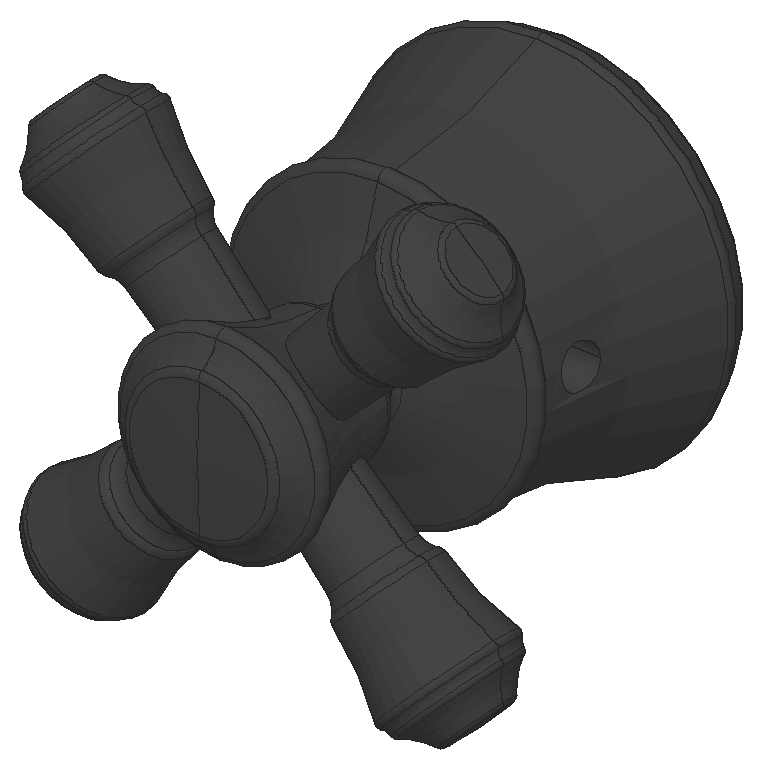
Revit family "Delta Bath Cassidy fgh795", category Plumbing Fixtures, host Wall, Revit 2013
Parameters
  URL = "http://www.deltafaucet.com "
  Valve = Stainless Steel
  Model = "fgh795"
  Manufacturer = "Delta"
  Assembly Code = ""
Reference planes (in)
  plane 1: y = 0
  plane 2 "Center (Left/Right)": x = 0
  plane 3 "Wall Edge": y = 6
  plane 4: y = -6
Forms (in)
  Revolve 1, solid, material "Stainless Steel" <- "Valve", not visible
    sketch origin (0, -0.08649, -9.25) x (0, 1, 0) y (0, 0, 1)
      loop
        arc (-5.32831, 69.85143) -> (-5.42167, 69.54972) -> (-5.56306, 69.2673) r 1.92667
        arc (-5.56306, 69.2673) -> (-5.58185, 69.24814) -> (-5.60718, 69.23927) r 0.05905
        line (-5.60718, 69.23927) -> (-5.63951, 69.23927)
        arc (-5.63951, 69.23927) -> (-5.65227, 69.24936) -> (-5.66049, 69.2634) r 0.04403
        arc (-5.66049, 69.2634) -> (-5.67541, 69.28546) -> (-5.69841, 69.2989) r 0.06
        arc (-5.69841, 69.2989) -> (-5.71806, 69.30963) -> (-5.73178, 69.32733) r 0.05482
        arc (-5.73178, 69.32733) -> (-5.75246, 69.35097) -> (-5.78225, 69.36092) r 0.06
        arc (-5.78225, 69.36092) -> (-6.13523, 69.42063) -> (-6.46666, 69.55591) r 1.63073
        arc (-6.46666, 69.55591) -> (-6.51645, 69.56427) -> (-6.55499, 69.53168) r 0.06
        arc (-6.55499, 69.53168) -> (-6.60238, 69.45965) -> (-6.66861, 69.40446) r 0.29404
        arc (-6.66861, 69.40446) -> (-6.68774, 69.38485) -> (-6.69616, 69.35877) r 0.06
        arc (-6.69616, 69.35877) -> (-6.70917, 69.14701) -> (-6.71351, 68.93489) r 5.18563
        line (-6.71351, 68.93489) -> (-3.91351, 68.93489) -> (-3.91351, 70.01812)
        arc (-3.91351, 70.01812) -> (-3.91853, 70.03308) -> (-3.93017, 70.04374) r 0.03153
        line (-3.93017, 70.04374) -> (-4.04683, 70.10572)
        arc (-4.04683, 70.10572) -> (-4.0796, 70.11255) -> (-4.11093, 70.10077) r 0.06
        arc (-4.11093, 70.10077) -> (-4.64131, 69.9214) -> (-5.19729, 69.85534) r 2.69835
        arc (-5.19729, 69.85534) -> (-5.21166, 69.86299) -> (-5.22235, 69.87527) r 0.04487
        arc (-5.22235, 69.87527) -> (-5.2829, 69.89699) -> (-5.32831, 69.85143) r 0.06
      axis (-3.91351, 68.93489) -> (-6.71351, 68.93489)
    angle from 0 to 360
  Revolve 2, solid, material "Stainless Steel" <- "Valve", not visible
    sketch origin (0, -6.22025, -9.25) x (1, 0, 0) y (0, 0, 1)
      loop
        arc (-1.40107, 67.813) -> (-1.33698, 67.73998) -> (-1.27114, 67.66854) r 4
        line (-1.27114, 67.66854) -> (-0.26393, 68.67576) -> (-0.43467, 68.84649)
        arc (-0.43467, 68.84649) -> (-0.61285, 68.67099) -> (-0.80035, 68.5055) r 4.57335
        arc (-0.80035, 68.5055) -> (-0.84282, 68.48004) -> (-0.89106, 68.46885) r 0.15944
        arc (-0.89106, 68.46885) -> (-0.91853, 68.46637) -> (-0.94355, 68.45478) r 0.08067
        arc (-0.94355, 68.45478) -> (-1.13839, 68.29429) -> (-1.35585, 68.16611) r 1.61552
        arc (-1.35585, 68.16611) -> (-1.37179, 68.15197) -> (-1.37822, 68.13161) r 0.04
        arc (-1.37822, 68.13161) -> (-1.38403, 68.10281) -> (-1.39918, 68.07764) r 0.08608
        arc (-1.39918, 68.07764) -> (-1.40675, 68.06175) -> (-1.40677, 68.04416) r 0.04
        arc (-1.40677, 68.04416) -> (-1.39663, 67.94617) -> (-1.40953, 67.84858) r 0.42087
        arc (-1.40953, 67.84858) -> (-1.4096, 67.82977) -> (-1.40107, 67.813) r 0.04
      axis (-0.26393, 68.67576) -> (-1.27114, 67.66854)
    angle from 0 to 360
  Revolve 3, solid, material "Stainless Steel" <- "Valve", not visible
    sketch origin (0, -6.22025, 128.64371) x (1, 0, 0) y (0, 0, -1)
      loop
        arc (-1.40107, 67.813) -> (-1.33698, 67.73998) -> (-1.27114, 67.66854) r 4
        line (-1.27114, 67.66854) -> (-0.26393, 68.67576) -> (-0.43467, 68.84649)
        arc (-0.43467, 68.84649) -> (-0.61285, 68.67099) -> (-0.80035, 68.5055) r 4.57335
        arc (-0.80035, 68.5055) -> (-0.84282, 68.48004) -> (-0.89106, 68.46885) r 0.15944
        arc (-0.89106, 68.46885) -> (-0.91853, 68.46637) -> (-0.94355, 68.45478) r 0.08067
        arc (-0.94355, 68.45478) -> (-1.13839, 68.29429) -> (-1.35585, 68.16611) r 1.61552
        arc (-1.35585, 68.16611) -> (-1.37179, 68.15197) -> (-1.37822, 68.13161) r 0.04
        arc (-1.37822, 68.13161) -> (-1.38403, 68.10281) -> (-1.39918, 68.07764) r 0.08608
        arc (-1.39918, 68.07764) -> (-1.40675, 68.06175) -> (-1.40677, 68.04416) r 0.04
        arc (-1.40677, 68.04416) -> (-1.39663, 67.94617) -> (-1.40953, 67.84858) r 0.42087
        arc (-1.40953, 67.84858) -> (-1.4096, 67.82977) -> (-1.40107, 67.813) r 0.04
      axis (-0.26393, 68.67576) -> (-1.27114, 67.66854)
    angle from 0 to 360
  Revolve 4, solid, material "Stainless Steel" <- "Valve", not visible
    sketch origin (0, -6.22025, -9.25) x (-1, 0, 0) y (0, 0, -1)
      loop
        arc (-1.40107, -67.813) -> (-1.4096, -67.82977) -> (-1.40953, -67.84858) r 0.04
        arc (-1.40953, -67.84858) -> (-1.39663, -67.94617) -> (-1.40677, -68.04416) r 0.42087
        arc (-1.40677, -68.04416) -> (-1.40675, -68.06175) -> (-1.39918, -68.07764) r 0.04
        arc (-1.39918, -68.07764) -> (-1.38403, -68.10281) -> (-1.37822, -68.13161) r 0.08608
        arc (-1.37822, -68.13161) -> (-1.37179, -68.15197) -> (-1.35585, -68.16611) r 0.04
        arc (-1.35585, -68.16611) -> (-1.13839, -68.29429) -> (-0.94355, -68.45478) r 1.61552
        arc (-0.94355, -68.45478) -> (-0.91853, -68.46637) -> (-0.89106, -68.46885) r 0.08067
        arc (-0.89106, -68.46885) -> (-0.84282, -68.48004) -> (-0.80035, -68.5055) r 0.15944
        arc (-0.80035, -68.5055) -> (-0.61285, -68.67099) -> (-0.43467, -68.84649) r 4.57335
        line (-0.43467, -68.84649) -> (-0.26393, -68.67576) -> (-1.27114, -67.66854)
        arc (-1.27114, -67.66854) -> (-1.33698, -67.73998) -> (-1.40107, -67.813) r 4
      axis (-0.26393, -68.67576) -> (-1.27114, -67.66854)
    angle from 0 to 360
  Revolve 5, solid, material "Stainless Steel" <- "Valve", not visible
    sketch origin (0, -6.22025, 128.64371) x (-1, 0, 0) y (0, 0, -1)
      loop
        arc (-1.40107, 67.813) -> (-1.33698, 67.73998) -> (-1.27114, 67.66854) r 4
        line (-1.27114, 67.66854) -> (-0.26393, 68.67576) -> (-0.43467, 68.84649)
        arc (-0.43467, 68.84649) -> (-0.61285, 68.67099) -> (-0.80035, 68.5055) r 4.57335
        arc (-0.80035, 68.5055) -> (-0.84282, 68.48004) -> (-0.89106, 68.46885) r 0.15944
        arc (-0.89106, 68.46885) -> (-0.91853, 68.46637) -> (-0.94355, 68.45478) r 0.08067
        arc (-0.94355, 68.45478) -> (-1.13839, 68.29429) -> (-1.35585, 68.16611) r 1.61552
        arc (-1.35585, 68.16611) -> (-1.37179, 68.15197) -> (-1.37822, 68.13161) r 0.04
        arc (-1.37822, 68.13161) -> (-1.38403, 68.10281) -> (-1.39918, 68.07764) r 0.08608
        arc (-1.39918, 68.07764) -> (-1.40675, 68.06175) -> (-1.40677, 68.04416) r 0.04
        arc (-1.40677, 68.04416) -> (-1.39663, 67.94617) -> (-1.40953, 67.84858) r 0.42087
        arc (-1.40953, 67.84858) -> (-1.4096, 67.82977) -> (-1.40107, 67.813) r 0.04
      axis (-0.26393, 68.67576) -> (-1.27114, 67.66854)
    angle from 0 to 360
  Extrusion 6, void, not visible
    sketch origin (0, -1, -12.66814) x (0, 1, 0) y (0, 0, 1)
      loop
        circle (-4.03469, 72.41534) r 0.1354
    from 0.45978 to 1.5
  Revolve 7, solid, material "Stainless Steel" <- "Valve"
    sketch origin (0, -2.08649, -50.5) x (0, 1, 0) y (0, 0, 1)
      loop
        arc (-5.32831, 69.85143) -> (-5.42167, 69.54972) -> (-5.56306, 69.2673) r 1.92667
        arc (-5.56306, 69.2673) -> (-5.58185, 69.24814) -> (-5.60718, 69.23927) r 0.05905
        line (-5.60718, 69.23927) -> (-5.63951, 69.23927)
        arc (-5.63951, 69.23927) -> (-5.65227, 69.24936) -> (-5.66049, 69.2634) r 0.04403
        arc (-5.66049, 69.2634) -> (-5.67541, 69.28546) -> (-5.69841, 69.2989) r 0.06
        arc (-5.69841, 69.2989) -> (-5.71806, 69.30963) -> (-5.73178, 69.32733) r 0.05482
        arc (-5.73178, 69.32733) -> (-5.75246, 69.35097) -> (-5.78225, 69.36092) r 0.06
        arc (-5.78225, 69.36092) -> (-6.13523, 69.42063) -> (-6.46666, 69.55591) r 1.63073
        arc (-6.46666, 69.55591) -> (-6.51645, 69.56427) -> (-6.55499, 69.53168) r 0.06
        arc (-6.55499, 69.53168) -> (-6.60238, 69.45965) -> (-6.66861, 69.40446) r 0.29404
        arc (-6.66861, 69.40446) -> (-6.68774, 69.38485) -> (-6.69616, 69.35877) r 0.06
        arc (-6.69616, 69.35877) -> (-6.70917, 69.14701) -> (-6.71351, 68.93489) r 5.18563
        line (-6.71351, 68.93489) -> (-3.91351, 68.93489) -> (-3.91351, 70.01812)
        arc (-3.91351, 70.01812) -> (-3.91853, 70.03308) -> (-3.93017, 70.04374) r 0.03153
        line (-3.93017, 70.04374) -> (-4.04683, 70.10572)
        arc (-4.04683, 70.10572) -> (-4.0796, 70.11255) -> (-4.11093, 70.10077) r 0.06
        arc (-4.11093, 70.10077) -> (-4.64131, 69.9214) -> (-5.19729, 69.85534) r 2.69835
        arc (-5.19729, 69.85534) -> (-5.21166, 69.86299) -> (-5.22235, 69.87527) r 0.04487
        arc (-5.22235, 69.87527) -> (-5.2829, 69.89699) -> (-5.32831, 69.85143) r 0.06
      axis (-3.91351, 68.93489) -> (-6.71351, 68.93489)
    angle from 0 to 360
  Revolve 8, solid, material "Stainless Steel" <- "Valve"
    sketch origin (0, -8.22025, -50.5) x (1, 0, 0) y (0, 0, 1)
      loop
        arc (-1.40107, 67.813) -> (-1.33698, 67.73998) -> (-1.27114, 67.66854) r 4
        line (-1.27114, 67.66854) -> (-0.26393, 68.67576) -> (-0.43467, 68.84649)
        arc (-0.43467, 68.84649) -> (-0.61285, 68.67099) -> (-0.80035, 68.5055) r 4.57335
        arc (-0.80035, 68.5055) -> (-0.84282, 68.48004) -> (-0.89106, 68.46885) r 0.15944
        arc (-0.89106, 68.46885) -> (-0.91853, 68.46637) -> (-0.94355, 68.45478) r 0.08067
        arc (-0.94355, 68.45478) -> (-1.13839, 68.29429) -> (-1.35585, 68.16611) r 1.61552
        arc (-1.35585, 68.16611) -> (-1.37179, 68.15197) -> (-1.37822, 68.13161) r 0.04
        arc (-1.37822, 68.13161) -> (-1.38403, 68.10281) -> (-1.39918, 68.07764) r 0.08608
        arc (-1.39918, 68.07764) -> (-1.40675, 68.06175) -> (-1.40677, 68.04416) r 0.04
        arc (-1.40677, 68.04416) -> (-1.39663, 67.94617) -> (-1.40953, 67.84858) r 0.42087
        arc (-1.40953, 67.84858) -> (-1.4096, 67.82977) -> (-1.40107, 67.813) r 0.04
      axis (-0.26393, 68.67576) -> (-1.27114, 67.66854)
    angle from 0 to 360
  Revolve 9, solid, material "Stainless Steel" <- "Valve"
    sketch origin (0, -8.22025, 87.39371) x (1, 0, 0) y (0, 0, -1)
      loop
        arc (-1.40107, 67.813) -> (-1.33698, 67.73998) -> (-1.27114, 67.66854) r 4
        line (-1.27114, 67.66854) -> (-0.26393, 68.67576) -> (-0.43467, 68.84649)
        arc (-0.43467, 68.84649) -> (-0.61285, 68.67099) -> (-0.80035, 68.5055) r 4.57335
        arc (-0.80035, 68.5055) -> (-0.84282, 68.48004) -> (-0.89106, 68.46885) r 0.15944
        arc (-0.89106, 68.46885) -> (-0.91853, 68.46637) -> (-0.94355, 68.45478) r 0.08067
        arc (-0.94355, 68.45478) -> (-1.13839, 68.29429) -> (-1.35585, 68.16611) r 1.61552
        arc (-1.35585, 68.16611) -> (-1.37179, 68.15197) -> (-1.37822, 68.13161) r 0.04
        arc (-1.37822, 68.13161) -> (-1.38403, 68.10281) -> (-1.39918, 68.07764) r 0.08608
        arc (-1.39918, 68.07764) -> (-1.40675, 68.06175) -> (-1.40677, 68.04416) r 0.04
        arc (-1.40677, 68.04416) -> (-1.39663, 67.94617) -> (-1.40953, 67.84858) r 0.42087
        arc (-1.40953, 67.84858) -> (-1.4096, 67.82977) -> (-1.40107, 67.813) r 0.04
      axis (-0.26393, 68.67576) -> (-1.27114, 67.66854)
    angle from 0 to 360
  Revolve 10, solid, material "Stainless Steel" <- "Valve"
    sketch origin (0, -8.22025, -50.5) x (-1, 0, 0) y (0, 0, -1)
      loop
        arc (-1.40107, -67.813) -> (-1.4096, -67.82977) -> (-1.40953, -67.84858) r 0.04
        arc (-1.40953, -67.84858) -> (-1.39663, -67.94617) -> (-1.40677, -68.04416) r 0.42087
        arc (-1.40677, -68.04416) -> (-1.40675, -68.06175) -> (-1.39918, -68.07764) r 0.04
        arc (-1.39918, -68.07764) -> (-1.38403, -68.10281) -> (-1.37822, -68.13161) r 0.08608
        arc (-1.37822, -68.13161) -> (-1.37179, -68.15197) -> (-1.35585, -68.16611) r 0.04
        arc (-1.35585, -68.16611) -> (-1.13839, -68.29429) -> (-0.94355, -68.45478) r 1.61552
        arc (-0.94355, -68.45478) -> (-0.91853, -68.46637) -> (-0.89106, -68.46885) r 0.08067
        arc (-0.89106, -68.46885) -> (-0.84282, -68.48004) -> (-0.80035, -68.5055) r 0.15944
        arc (-0.80035, -68.5055) -> (-0.61285, -68.67099) -> (-0.43467, -68.84649) r 4.57335
        line (-0.43467, -68.84649) -> (-0.26393, -68.67576) -> (-1.27114, -67.66854)
        arc (-1.27114, -67.66854) -> (-1.33698, -67.73998) -> (-1.40107, -67.813) r 4
      axis (-0.26393, -68.67576) -> (-1.27114, -67.66854)
    angle from 0 to 360
  Revolve 11, solid, material "Stainless Steel" <- "Valve"
    sketch origin (0, -8.22025, 87.39371) x (-1, 0, 0) y (0, 0, -1)
      loop
        arc (-1.40107, 67.813) -> (-1.33698, 67.73998) -> (-1.27114, 67.66854) r 4
        line (-1.27114, 67.66854) -> (-0.26393, 68.67576) -> (-0.43467, 68.84649)
        arc (-0.43467, 68.84649) -> (-0.61285, 68.67099) -> (-0.80035, 68.5055) r 4.57335
        arc (-0.80035, 68.5055) -> (-0.84282, 68.48004) -> (-0.89106, 68.46885) r 0.15944
        arc (-0.89106, 68.46885) -> (-0.91853, 68.46637) -> (-0.94355, 68.45478) r 0.08067
        arc (-0.94355, 68.45478) -> (-1.13839, 68.29429) -> (-1.35585, 68.16611) r 1.61552
        arc (-1.35585, 68.16611) -> (-1.37179, 68.15197) -> (-1.37822, 68.13161) r 0.04
        arc (-1.37822, 68.13161) -> (-1.38403, 68.10281) -> (-1.39918, 68.07764) r 0.08608
        arc (-1.39918, 68.07764) -> (-1.40675, 68.06175) -> (-1.40677, 68.04416) r 0.04
        arc (-1.40677, 68.04416) -> (-1.39663, 67.94617) -> (-1.40953, 67.84858) r 0.42087
        arc (-1.40953, 67.84858) -> (-1.4096, 67.82977) -> (-1.40107, 67.813) r 0.04
      axis (-0.26393, 68.67576) -> (-1.27114, 67.66854)
    angle from 0 to 360
  Extrusion 12, void
    sketch origin (0, -3, -53.91814) x (0, 1, 0) y (0, 0, 1)
      loop
        circle (-4.03469, 72.41534) r 0.1354
    from 0.45978 to 1.5
  Revolve 13, solid, material "Stainless Steel" <- "Valve", not visible
    sketch origin (0, -2.08649, -50.5) x (0, 1, 0) y (0, 0, 1)
      loop
        arc (-5.32831, 69.85143) -> (-5.42167, 69.54972) -> (-5.56306, 69.2673) r 1.92667
        arc (-5.56306, 69.2673) -> (-5.58185, 69.24814) -> (-5.60718, 69.23927) r 0.05905
        line (-5.60718, 69.23927) -> (-5.63951, 69.23927)
        arc (-5.63951, 69.23927) -> (-5.65227, 69.24936) -> (-5.66049, 69.2634) r 0.04403
        arc (-5.66049, 69.2634) -> (-5.67541, 69.28546) -> (-5.69841, 69.2989) r 0.06
        arc (-5.69841, 69.2989) -> (-5.71806, 69.30963) -> (-5.73178, 69.32733) r 0.05482
        arc (-5.73178, 69.32733) -> (-5.75246, 69.35097) -> (-5.78225, 69.36092) r 0.06
        arc (-5.78225, 69.36092) -> (-6.13523, 69.42063) -> (-6.46666, 69.55591) r 1.63073
        arc (-6.46666, 69.55591) -> (-6.51645, 69.56427) -> (-6.55499, 69.53168) r 0.06
        arc (-6.55499, 69.53168) -> (-6.60238, 69.45965) -> (-6.66861, 69.40446) r 0.29404
        arc (-6.66861, 69.40446) -> (-6.68774, 69.38485) -> (-6.69616, 69.35877) r 0.06
        arc (-6.69616, 69.35877) -> (-6.70917, 69.14701) -> (-6.71351, 68.93489) r 5.18563
        line (-6.71351, 68.93489) -> (-3.91351, 68.93489) -> (-3.91351, 70.01812)
        arc (-3.91351, 70.01812) -> (-3.91853, 70.03308) -> (-3.93017, 70.04374) r 0.03153
        line (-3.93017, 70.04374) -> (-4.04683, 70.10572)
        arc (-4.04683, 70.10572) -> (-4.0796, 70.11255) -> (-4.11093, 70.10077) r 0.06
        arc (-4.11093, 70.10077) -> (-4.64131, 69.9214) -> (-5.19729, 69.85534) r 2.69835
        arc (-5.19729, 69.85534) -> (-5.21166, 69.86299) -> (-5.22235, 69.87527) r 0.04487
        arc (-5.22235, 69.87527) -> (-5.2829, 69.89699) -> (-5.32831, 69.85143) r 0.06
      axis (-3.91351, 68.93489) -> (-6.71351, 68.93489)
    angle from 0 to 360
  Revolve 14, solid, material "Stainless Steel" <- "Valve", not visible
    sketch origin (0, -8.22025, -50.5) x (1, 0, 0) y (0, 0, 1)
      loop
        arc (-1.40107, 67.813) -> (-1.33698, 67.73998) -> (-1.27114, 67.66854) r 4
        line (-1.27114, 67.66854) -> (-0.26393, 68.67576) -> (-0.43467, 68.84649)
        arc (-0.43467, 68.84649) -> (-0.61285, 68.67099) -> (-0.80035, 68.5055) r 4.57335
        arc (-0.80035, 68.5055) -> (-0.84282, 68.48004) -> (-0.89106, 68.46885) r 0.15944
        arc (-0.89106, 68.46885) -> (-0.91853, 68.46637) -> (-0.94355, 68.45478) r 0.08067
        arc (-0.94355, 68.45478) -> (-1.13839, 68.29429) -> (-1.35585, 68.16611) r 1.61552
        arc (-1.35585, 68.16611) -> (-1.37179, 68.15197) -> (-1.37822, 68.13161) r 0.04
        arc (-1.37822, 68.13161) -> (-1.38403, 68.10281) -> (-1.39918, 68.07764) r 0.08608
        arc (-1.39918, 68.07764) -> (-1.40675, 68.06175) -> (-1.40677, 68.04416) r 0.04
        arc (-1.40677, 68.04416) -> (-1.39663, 67.94617) -> (-1.40953, 67.84858) r 0.42087
        arc (-1.40953, 67.84858) -> (-1.4096, 67.82977) -> (-1.40107, 67.813) r 0.04
      axis (-0.26393, 68.67576) -> (-1.27114, 67.66854)
    angle from 0 to 360
  Revolve 15, solid, material "Stainless Steel" <- "Valve", not visible
    sketch origin (0, -8.22025, 87.39371) x (1, 0, 0) y (0, 0, -1)
      loop
        arc (-1.40107, 67.813) -> (-1.33698, 67.73998) -> (-1.27114, 67.66854) r 4
        line (-1.27114, 67.66854) -> (-0.26393, 68.67576) -> (-0.43467, 68.84649)
        arc (-0.43467, 68.84649) -> (-0.61285, 68.67099) -> (-0.80035, 68.5055) r 4.57335
        arc (-0.80035, 68.5055) -> (-0.84282, 68.48004) -> (-0.89106, 68.46885) r 0.15944
        arc (-0.89106, 68.46885) -> (-0.91853, 68.46637) -> (-0.94355, 68.45478) r 0.08067
        arc (-0.94355, 68.45478) -> (-1.13839, 68.29429) -> (-1.35585, 68.16611) r 1.61552
        arc (-1.35585, 68.16611) -> (-1.37179, 68.15197) -> (-1.37822, 68.13161) r 0.04
        arc (-1.37822, 68.13161) -> (-1.38403, 68.10281) -> (-1.39918, 68.07764) r 0.08608
        arc (-1.39918, 68.07764) -> (-1.40675, 68.06175) -> (-1.40677, 68.04416) r 0.04
        arc (-1.40677, 68.04416) -> (-1.39663, 67.94617) -> (-1.40953, 67.84858) r 0.42087
        arc (-1.40953, 67.84858) -> (-1.4096, 67.82977) -> (-1.40107, 67.813) r 0.04
      axis (-0.26393, 68.67576) -> (-1.27114, 67.66854)
    angle from 0 to 360
  Revolve 16, solid, material "Stainless Steel" <- "Valve", not visible
    sketch origin (0, -8.22025, -50.5) x (-1, 0, 0) y (0, 0, -1)
      loop
        arc (-1.40107, -67.813) -> (-1.4096, -67.82977) -> (-1.40953, -67.84858) r 0.04
        arc (-1.40953, -67.84858) -> (-1.39663, -67.94617) -> (-1.40677, -68.04416) r 0.42087
        arc (-1.40677, -68.04416) -> (-1.40675, -68.06175) -> (-1.39918, -68.07764) r 0.04
        arc (-1.39918, -68.07764) -> (-1.38403, -68.10281) -> (-1.37822, -68.13161) r 0.08608
        arc (-1.37822, -68.13161) -> (-1.37179, -68.15197) -> (-1.35585, -68.16611) r 0.04
        arc (-1.35585, -68.16611) -> (-1.13839, -68.29429) -> (-0.94355, -68.45478) r 1.61552
        arc (-0.94355, -68.45478) -> (-0.91853, -68.46637) -> (-0.89106, -68.46885) r 0.08067
        arc (-0.89106, -68.46885) -> (-0.84282, -68.48004) -> (-0.80035, -68.5055) r 0.15944
        arc (-0.80035, -68.5055) -> (-0.61285, -68.67099) -> (-0.43467, -68.84649) r 4.57335
        line (-0.43467, -68.84649) -> (-0.26393, -68.67576) -> (-1.27114, -67.66854)
        arc (-1.27114, -67.66854) -> (-1.33698, -67.73998) -> (-1.40107, -67.813) r 4
      axis (-0.26393, -68.67576) -> (-1.27114, -67.66854)
    angle from 0 to 360
  Revolve 17, solid, material "Stainless Steel" <- "Valve", not visible
    sketch origin (0, -8.22025, 87.39371) x (-1, 0, 0) y (0, 0, -1)
      loop
        arc (-1.40107, 67.813) -> (-1.33698, 67.73998) -> (-1.27114, 67.66854) r 4
        line (-1.27114, 67.66854) -> (-0.26393, 68.67576) -> (-0.43467, 68.84649)
        arc (-0.43467, 68.84649) -> (-0.61285, 68.67099) -> (-0.80035, 68.5055) r 4.57335
        arc (-0.80035, 68.5055) -> (-0.84282, 68.48004) -> (-0.89106, 68.46885) r 0.15944
        arc (-0.89106, 68.46885) -> (-0.91853, 68.46637) -> (-0.94355, 68.45478) r 0.08067
        arc (-0.94355, 68.45478) -> (-1.13839, 68.29429) -> (-1.35585, 68.16611) r 1.61552
        arc (-1.35585, 68.16611) -> (-1.37179, 68.15197) -> (-1.37822, 68.13161) r 0.04
        arc (-1.37822, 68.13161) -> (-1.38403, 68.10281) -> (-1.39918, 68.07764) r 0.08608
        arc (-1.39918, 68.07764) -> (-1.40675, 68.06175) -> (-1.40677, 68.04416) r 0.04
        arc (-1.40677, 68.04416) -> (-1.39663, 67.94617) -> (-1.40953, 67.84858) r 0.42087
        arc (-1.40953, 67.84858) -> (-1.4096, 67.82977) -> (-1.40107, 67.813) r 0.04
      axis (-0.26393, 68.67576) -> (-1.27114, 67.66854)
    angle from 0 to 360
  Extrusion 18, void, not visible
    sketch origin (0, -3, -53.91814) x (0, 1, 0) y (0, 0, 1)
      loop
        circle (-4.03469, 72.41534) r 0.1354
    from 0.45978 to 1.5
Cuts and joins
  Extrusion 12 cuts Revolve 7
Text (in)
  text "Placement Side" at (0, 40.15149, 123.01588), in view "Right"
  text "Placement Side" at (-70.3804, 28.46503, 0), in view "Ref. Level"
  text "Placement Side" at (0, 81.62555, 140.59947), in view "Left"
Dimensions and locks (in)
  locked: plane 3 "Wall Edge" to host wall
  aligned and locked: plane 1 to host wall
  aligned and locked: plane 4 to host wall
  aligned and locked: cut or joined group of Revolve 7, Extrusion 12 to cut or joined group of Revolve 7, Extrusion 12
  aligned and locked: plane 4 to cut or joined group of Revolve 7, Extrusion 12  (x2)
  aligned and locked: cut or joined group of Revolve 7, Extrusion 12 to plane 4
Connectors (in)
  piping at (0, -6, 18.43489)
    settings: on cut or joined group of Revolve 7, Extrusion 12, index 1, connector radius 12", flow factor 0, pipe flow 0 GPM, pressure drop 0.00 psi, fitting loss kfactor 0, connector angle 0.00°, fixture units 0, engagement length 0' - 0", flow configuration 0, flow direction 0, fitting loss method 0, system type 7, joint type 0, gender type 0, connector reference index -1, connector utility 0, adjustable connector no, is connector primary yes, fitting loss table "", connector description ""
